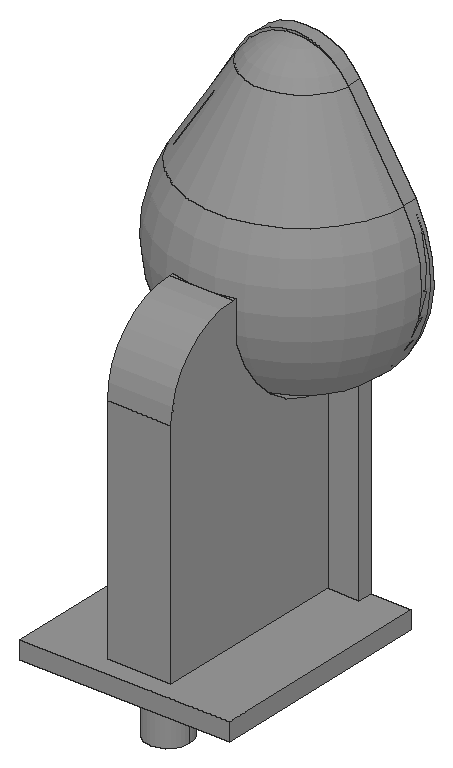
Revit family "Toilet-Willoughby-ETWS-1490-OF-TS", category Plumbing Fixtures, Revit 2015
Parameters (values of type "Standard")
  Waste DIA = 2 3/8"
  Waste Connection = yes
  W-RAD [instance] = Waste DIA / 2  # 0' - 1 3/16"
  Vent Connection = no
  URL = "https://www.willoughby-ind.com/wp-content/uploads/2017/12/ETWS-1490-OF.pdf"
  Type Comments = ""
  Revision = "A"
  Model = "ETWS-1490-OF-TS"
  Manufacturer = "Willoughby Industries"
  HW Connection = no
  Flush inlet DIA [instance] = 1 1/2"
  Flush Inlet Connection = yes
  Fixture Body = Stainless Steel AISI 304-Willoughby
  F-RAD [instance] = Flush inlet DIA / 2  # 0' - 0 3/4"
  Description = "Off Floor Mounted Siphon Jet Flush Toilet, Top Spud"
  Default Elevation = 0' - 0"
  Contact Number = "(800) 428-4065"
  CW Connection = no
Reference planes (in)
  plane 1 "Base": y = -16.25
  plane 2: z = 0
  plane 3 "Center": x = 18.31072
  plane 4: y = -1.25
  plane 5: y = -2.125
  plane 6: y = -13.75
  plane 7: x = 16.56072
  plane 8: x = 20.06072
  plane 9: x = 11.56072
  plane 10: x = 25.06072
  plane 11: z = 2.70924
  plane 12: y = -10.75
  plane 13: x = 12.56072
  plane 14: x = 24.06072
Forms (in)
  Extrusion 1, solid, material "Stainless Steel AISI 304-Willoughby" <- "Fixture Body"
    sketch origin (16.08109, 7.47968, -5.1422) x (-1, 0, 0) y (0, 0, -1)
      loop
        line (1.29775, -16.80087) -> (1.29775, -5.1422) -> (-5.72963, -5.1422) -> (-5.72963, -16.81676)
        arc (-5.72963, -16.81676) -> (-8.98136, -21.11843) -> (-8.21015, -26.45542) r 7
        line (-8.21015, -26.45542) -> (-5.16818, -31.31054)
        arc (-5.16818, -31.31054) -> (-2.20225, -32.95225) -> (0.76368, -31.31054) r 3.5
        line (0.76368, -31.31054) -> (3.80565, -26.45542)
        arc (3.80565, -26.45542) -> (4.5729, -21.10311) -> (1.29775, -16.80087) r 7
      loop
        arc (2.03989, -24.70557) -> (-2.20225, -18.23804) -> (-6.44438, -24.70557) r 4.625
        line (-6.44438, -24.70557) -> (-4.04125, -30.23842)
        arc (-4.04125, -30.23842) -> (-2.20225, -31.45225) -> (-0.36324, -30.23842) r 2
        line (-0.36324, -30.23842) -> (2.03989, -24.70557)
    from 8.72968 to 9.5
  Revolve 2, solid, material "Stainless Steel AISI 304-Willoughby" <- "Fixture Body"
    sketch origin (19.37246, -1.52032, -1.93826) x (-1, 0, 0) y (0, 0, -1)
      loop
        line (1.06174, -12.59906) -> (1.06174, -12.84906)
        arc (1.06174, -12.84906) -> (6.96784, -16.33096) -> (6.78077, -23.18447) r 6.75
        line (6.78077, -23.18447) -> (3.81535, -27.91457)
        arc (3.81535, -27.91457) -> (2.63527, -29.03194) -> (1.06174, -29.43826) r 3.25
        line (1.06174, -29.43826) -> (1.06174, -29.68826)
        arc (1.06174, -29.68826) -> (2.75672, -29.25045) -> (4.02767, -28.04656) r 3.5
        line (4.02767, -28.04656) -> (7.06964, -23.19143)
        arc (7.06964, -23.19143) -> (7.15052, -16.14555) -> (1.06174, -12.59906) r 7
      axis (1.06174, -12.59906) -> (1.06174, -29.68826)
    angle from 0 to -180
  Extrusion 3, solid, material "Stainless Steel AISI 304-Willoughby" <- "Fixture Body"
    sketch origin (19.53334, -3.02032, -2.9508) x (0, 1, 0) y (0, 0, 1)
      loop
        line (-5.27082, 2.9508) -> (1, 2.9508) -> (1, 13.76086)
        arc (1, 13.76086) -> (-2.93256, 15.26109) -> (-5.27082, 18.76086) r 6.92744
        line (-5.27082, 18.76086) -> (-5.27082, 2.9508)
    from 0.52738 to -2.97262
  Extrusion 4, solid, material "Stainless Steel AISI 304-Willoughby" <- "Fixture Body"
    sketch origin (17.03334, 25.08792, -2.30581) x (0, 1, 0) y (0, 0, 1)
      loop
        line (-33.37906, 2.30581) -> (-33.37906, 20.30581) -> (-33.56217, 20.30581)
        arc (-33.56217, 20.30581) -> (-36.58558, 19.05347) -> (-37.83792, 16.03006) r 4.27575
        line (-37.83792, 16.03006) -> (-37.83792, 2.30581) -> (-33.37906, 2.30581)
    from -0.47262 to 3.02738
  Extrusion 5, solid, material "Stainless Steel AISI 304-Willoughby" <- "Fixture Body"
    sketch origin (0, 14.59309, 0) x (1, 0, 0) y (0, 1, 0)
      loop
        circle (18.31072, -25.34309) r 1.1875
    from 1 to -3
  Extrusion 6, solid, material "Stainless Steel AISI 304-Willoughby" <- "Fixture Body"
    sketch origin (0, 1.11185, 0) x (1, 0, 0) y (0, 0, 1)
      loop
        circle (18.31072, 2.70924) r 0.75
    from 2.36185 to 1.42435
  Extrusion 7, solid, material "Stainless Steel AISI 304-Willoughby" <- "Fixture Body"
    sketch origin (0, -16.25, 0) x (1, 0, 0) y (0, 0, 1)
      loop
        line (24.06072, 0) -> (24.06072, 1) -> (12.56072, 1) -> (12.56072, 0) -> (24.06072, 0)
    from -15 to -2.5
Cuts and joins
  joined: Extrusion 1, Extrusion 3, Extrusion 4, Extrusion 7
Lines and regions (in)
  symbolic lines
    curve 1: line (11.28334, -2.02032, 0) -> (11.28334, -1.25, 0)
    curve 2: line (11.28334, -1.25, 0) -> (25.28334, -1.25, 0)
    curve 3: line (25.28334, -1.25, 0) -> (25.28334, -2.02032, 0)
    curve 4: arc (25.28334, -2.02032, 0) -> (23.08047, -6.64769, 0) -> (18.31072, -8.52239, 0) r 6.97838
    curve 5: arc (18.31072, -8.52239, 0) -> (13.52655, -6.64447, 0) -> (11.28334, -2.02032, 0) r 7.06011
    curve 6: line (24.06072, -5.51341, 0) -> (24.06072, -13.75, 0)
    curve 7: line (24.06072, -13.75, 0) -> (12.56072, -13.75, 0)
    curve 8: line (12.56072, -13.75, 0) -> (12.56072, -5.54398, 0)
    curve 9: line (20.06072, -8.30213, 0) -> (20.06072, -12.75, 0)
    curve 10: line (20.06072, -12.75, 0) -> (16.56072, -12.75, 0)
    curve 11: line (16.56072, -12.75, 0) -> (16.56072, -8.29935, 0)
    curve 12: line (14.78334, -16.25, 11.65867) -> (14.78334, -16.25, 1)
    curve 13: line (14.78334, -16.25, 1) -> (12.56072, -16.25, 1)
    curve 14: line (12.56072, -16.25, 1) -> (12.56072, -16.25, 0)
    curve 15: line (12.56072, -16.25, 0) -> (24.06072, -16.25, 0)
    curve 16: line (24.06072, -16.25, 0) -> (24.06072, -16.25, 1)
    curve 17: line (24.06072, -16.25, 1) -> (21.81072, -16.25, 1)
    curve 18: line (21.81072, -16.25, 1) -> (21.81072, -16.25, 11.67456)
    curve 19: arc (21.81072, -16.25, 11.67456) -> (25.08856, -16.25, 15.96952) -> (24.29124, -16.25, 21.31322) r 6.93708
    curve 20: line (24.29124, -16.25, 21.31322) -> (21.24927, -16.25, 26.16835)
    curve 21: arc (21.24927, -16.25, 26.16835) -> (19.98923, -16.25, 27.34792) -> (18.31072, -16.25, 27.75) r 3.37397
    curve 22: arc (18.31072, -16.25, 27.75) -> (16.62601, -16.25, 27.29363) -> (15.34479, -16.25, 26.1083) r 3.65651
    curve 23: line (15.34479, -16.25, 26.1083) -> (12.38996, -16.25, 21.49816)
    curve 24: arc (12.38996, -16.25, 21.49816) -> (11.48166, -16.25, 16.06639) -> (14.78334, -16.25, 11.65867) r 7
    curve 30: line (18.31072, -1.25, 0) -> (18.31072, -1.25, 27.81005)
    curve 31: line (18.31072, -1.25, 27.81005) -> (18.31072, -2.02032, 27.81005)
    curve 32: arc (18.31072, -2.02032, 27.81005) -> (18.31072, -3.38227, 27.24165) -> (18.31072, -4.41948, 26.1918) r 3.75042
    curve 33: line (18.31072, -4.41948, 26.1918) -> (18.31072, -7.52822, 21.25317)
    curve 34: arc (18.31072, -7.52822, 21.25317) -> (18.31072, -8.24192, 19.69452) -> (18.31072, -8.52278, 18.00341) r 6.49232
    curve 35: arc (18.31072, -8.29114, 18) -> (18.31072, -11.43229, 16.81289) -> (18.31072, -12.75, 13.72425) r 4.28012
    curve 36: line (18.31072, -12.75, 13.72425) -> (18.31072, -12.75, 1)
    curve 37: line (18.31072, -12.75, 1) -> (18.31072, -13.75, 1)
    curve 38: line (18.31072, -13.75, 1) -> (18.31072, -13.75, 0)
    curve 39: line (18.31072, -13.75, 0) -> (18.31072, -1.25, 0)
    curve 40: line (18.31072, -1.25, 1) -> (18.31072, -12.75, 1)
    curve 41: line (18.31072, -2.02032, 1) -> (18.31072, -2.02032, 11.64764)
    curve 42: line (18.31072, -2.02032, 11.64764) -> (18.31072, -1.25, 11.64764)
    curve 43: arc (18.31072, -2.02032, 10.81005) -> (18.31072, -6.0003, 12.3061) -> (18.31072, -8.29114, 15.88806) r 6.73544
    curve 44: line (18.31072, -8.29114, 15.88806) -> (18.31072, -8.29114, 18)
  symbolic lines, detail levels fine
    curve 25: arc (14.0412, -16.25, 19.56337) -> (18.28334, -16.25, 13.09585) -> (22.52547, -16.25, 19.56337) r 4.625
    curve 26: line (22.52547, -16.25, 19.56337) -> (20.06869, -16.25, 25.31026)
    curve 27: line (16.44433, -16.25, 25.09622) -> (14.0412, -16.25, 19.56337)
    curve 28: arc (20.06869, -16.25, 25.31026) -> (19.34621, -16.25, 26.11409) -> (18.28334, -16.25, 26.31005) r 1.67667
    curve 29: arc (18.28334, -16.25, 26.31005) -> (17.18351, -16.25, 25.97635) -> (16.44433, -16.25, 25.09622) r 2.01767
Dimensions and locks (in)
  plane 1 "Base" to plane 4 = 1' - 3"
  plane 1 "Base" to plane 12 = 0' - 5 1/2"
  plane 13 to plane 14 = 0' - 11 1/2"
  plane 1 "Base" to plane 6 = 0' - 2 1/2"
  plane 6 to plane 12 = 0' - 3"
  "W-RAD": radius of Extrusion 5 sketch curve
  "F-RAD": radius of Extrusion 6 sketch curve
  aligned and locked: plane 3 "Center" to Extrusion 5 sketch curve
  aligned and locked: plane 3 "Center" to Extrusion 6 sketch curve
  aligned and locked: plane 11 to Extrusion 6 sketch curve
  aligned and locked: plane 12 to Extrusion 5 sketch curve
  aligned and locked: cut or joined group of Extrusion 1, Extrusion 3, Extrusion 4, Extrusion 7 to cut or joined group of Extrusion 1, Extrusion 3, Extrusion 4, Extrusion 7  (x2)
Automatic sketch dimensions
  Extrusion 1 sketch curve to Extrusion 1 sketch curve = 0' - 0"  (x8)
  level to Extrusion 1 sketch curve = 0' - 0"
  plane 3 "Center" to Extrusion 1 sketch curve = 0' - 5.98052"
  Extrusion 1 sketch curve to Extrusion 1 sketch curve = 0' - 1.76576"  (x2)
  plane 3 "Center" to Extrusion 1 sketch curve = 0' - 3 1/2"
  plane 3 "Center" to Extrusion 1 sketch curve = 0' - 2.93855"
  Extrusion 1 sketch curve to Extrusion 1 sketch curve = 0' - 1.12693"  (x2)
  Extrusion 1 sketch curve to plane 3 "Center" = 0' - 0.02738"  (x2)
  Extrusion 1 sketch curve to plane 3 "Center" = 0' - 1.86639"
  Extrusion 1 sketch curve to plane 3 "Center" = 0' - 3.52738"
  Extrusion 1 sketch curve to plane 3 "Center" = 0' - 4 69/256"
  Extrusion 1 sketch curve to Extrusion 1 sketch curve = 0' - 11.65867"
  Extrusion 1 sketch curve to Extrusion 1 sketch curve = 0' - 0.01589"
  Extrusion 1 sketch curve to Extrusion 1 sketch curve = 0' - 6.06218"
  Extrusion 1 sketch curve to Extrusion 1 sketch curve = 0' - 1.74985"
  Extrusion 1 sketch curve to Extrusion 1 sketch curve = 0' - 4.74668"
  Extrusion 1 sketch curve to Extrusion 1 sketch curve = 0' - 0.78617"
  Extrusion 1 sketch curve to Extrusion 1 sketch curve = 0' - 1.07212"
  Revolve 2 sketch curve to Revolve 2 sketch curve = 0' - 0"  (x2)
  Revolve 2 sketch curve to plane 3 "Center" = 0' - 0"  (x3)
  plane 3 "Center" to Revolve 2 sketch curve = 0' - 0"
  Revolve 2 sketch curve to plane 3 "Center" = 0' - 2.75361"
  Revolve 2 sketch curve to Revolve 2 sketch curve = 0' - 0.21232"
  Revolve 2 sketch curve to Revolve 2 sketch curve = 0' - 2.96542"
  Revolve 2 sketch curve to Revolve 2 sketch curve = 0' - 0.28887"
  level to Revolve 2 sketch curve = 2' - 3 3/4"
  Revolve 2 sketch curve to Revolve 2 sketch curve = 0' - 0 1/4"
  Revolve 2 sketch curve to Revolve 2 sketch curve = 0' - 1.3917"
  Revolve 2 sketch curve to Revolve 2 sketch curve = 0' - 0.13199"
  Revolve 2 sketch curve to Revolve 2 sketch curve = 0' - 4.85513"
  Revolve 2 sketch curve to Revolve 2 sketch curve = 0' - 0.00696"
  Revolve 2 sketch curve to Revolve 2 sketch curve = 0' - 3 1/4"
  Revolve 2 sketch curve to Revolve 2 sketch curve = 0' - 3.3392"
  Revolve 2 sketch curve to Revolve 2 sketch curve = 0' - 2.4108"
  level to Extrusion 3 sketch curve = 0' - 0"
  plane 5 to Extrusion 3 sketch curve = 0' - 0.10468"
  plane 4 to Extrusion 3 sketch curve = 0' - 0.38413"
  Extrusion 3 sketch curve to Extrusion 3 sketch curve = 0' - 10.81005"
  Extrusion 3 sketch curve to Extrusion 3 sketch curve = 0' - 5"
  Extrusion 4 sketch curve to plane 6 = 0' - 1"
  level to Extrusion 4 sketch curve = 0' - 0"
  Extrusion 4 sketch curve to plane 6 = 0' - 5.27575"
  Extrusion 4 sketch curve to Extrusion 4 sketch curve = 0' - 0.18311"
  Extrusion 4 sketch curve to Extrusion 4 sketch curve = 1' - 1.72425"
  plane 9 to Extrusion 7 sketch curve = 0' - 1"
  Extrusion 7 sketch curve to plane 10 = 0' - 1"
  Extrusion 7 sketch curve to level = 0' - 0"
  level to Extrusion 7 sketch curve = 0' - 1"
  Extrusion 3 sketch curve to Extrusion 3 sketch curve = 0' - 6.27082"
  plane 4 to curve 1 = 0' - 0"
  plane 6 to curve 7 = 0' - 0"
  curve 7 to plane 13 = 0' - 0"
  curve 11 to plane 7 = 0' - 0"
  curve 4 to plane 3 "Center" = 0' - 0"
  curve 5 to plane 3 "Center" = 0' - 0"
  curve 9 to plane 8 = 0' - 0"
  curve 6 to plane 14 = 0' - 0"
  curve 2 to plane 9 = 0' - 0.27738"
  plane 3 "Center" to curve 4 = 0' - 0.01051"
  plane 3 "Center" to curve 5 = 0' - 0.01064"
  curve 9 to plane 6 = 0' - 1"
  plane 5 to curve 1 = 0' - 0.10468"
  plane 5 to curve 3 = 0' - 0.10468"
  curve 5 to curve 11 = 0' - 0.22305"
  curve 24 to curve 25 = 0' - 0"  (x2)
  curve 15 to level = 0' - 0"
  plane 13 to curve 15 = 0' - 0"
  curve 21 to plane 3 "Center" = 0' - 0"
  curve 22 to plane 3 "Center" = 0' - 0"
  plane 14 to curve 16 = 0' - 0"
  plane 13 to curve 23 = 0' - 0.17076"
  curve 27 to plane 13 = 0' - 1 123/256"
  curve 12 to plane 7 = 0' - 1.77738"
  curve 25 to plane 3 "Center" = 0' - 0.02738"
  curve 29 to plane 3 "Center" = 0' - 0.01574"
  plane 3 "Center" to curve 19 = 0' - 0.05966"
  plane 3 "Center" to curve 21 = 0' - 0.07942"
  plane 3 "Center" to curve 22 = 0' - 0.08607"
  plane 3 "Center" to curve 28 = 0' - 0.21627"
  plane 8 to curve 26 = 0' - 0.00797"
  plane 8 to curve 20 = 0' - 1.18855"
  plane 8 to curve 17 = 0' - 1 3/4"
  plane 14 to curve 26 = 0' - 1.53525"
  curve 20 to plane 14 = 0' - 0.23052"
  level to curve 13 = 0' - 1"
  level to curve 17 = 0' - 1"
  plane 11 to curve 12 = 0' - 8.94943"
  curve 12 to curve 18 = 0' - 0.01589"
  curve 18 to curve 19 = 0' - 6.02388"
  curve 19 to curve 25 = 0' - 0.0224"
  curve 26 to curve 20 = 0' - 1.74985"
  curve 26 to curve 22 = 0' - 4.53113"
  curve 22 to curve 29 = 0' - 0.19791"
  curve 29 to curve 21 = 0' - 0.08455"
  curve 21 to curve 28 = 0' - 0.27422"
  curve 26 to curve 21 = 0' - 0.85809"
  curve 27 to plane 7 = 0' - 0.11639"
  curve 29 to plane 3 "Center" = 0' - 0.02738"
  curve 27 to curve 22 = 0' - 1.01207"
  curve 38 to plane 6 = 0' - 0"
  curve 42 to plane 4 = 0' - 0"
  curve 38 to level = 0' - 0"
  curve 40 to plane 6 = 0' - 1"
  curve 35 to plane 12 = 0' - 2.28012"
  curve 33 to plane 12 = 0' - 3.22178"
  curve 33 to plane 5 = 0' - 2.29448"
  plane 5 to curve 34 = 0' - 0.09118"
  plane 5 to curve 42 = 0' - 0.10468"
  plane 5 to curve 31 = 0' - 0.10468"
  plane 5 to curve 43 = 0' - 0.36345"
  plane 4 to curve 32 = 0' - 0.03507"
  level to curve 40 = 0' - 1"
  plane 11 to curve 42 = 0' - 8.9384"
  curve 41 to curve 35 = 0' - 2.07597"
  curve 35 to curve 36 = 0' - 0.00063"
  curve 41 to curve 43 = 0' - 5.89288"
  curve 43 to curve 34 = 0' - 0.25406"
  curve 34 to curve 33 = 0' - 3.45858"
  curve 34 to curve 32 = 0' - 6.33782"
  curve 32 to curve 33 = 0' - 2.05938"
  curve 34 to curve 44 = 0' - 0.23164"
  curve 43 to curve 41 = 0' - 0.83759"
Connectors (in)
  piping at (18.31072, -10.75, -3), diameter 2.375, driven by "W-RAD", driven by "Waste Connection"
    settings: on Extrusion 5, index 1, connector inside diameter 2 1/2", connector length 0' - 0", flow factor 0, pipe flow 0 GPM, pressure drop 0.00 psi, fitting loss kfactor 0, connector angle 0.00°, fixture units 0, engagement length 0' - 0", angle of deflection 0.00°, flow configuration 0, flow direction 2, fitting loss method 0, system type 16, joint type 0, gender type 0, connector reference index -1, connector utility 1, adjustable connector yes, is connector primary yes, connector description "Toilet Waste"
  piping at (18.31072, -0.3125, 2.70924), diameter 1.5, driven by "F-RAD", driven by "Flush Inlet Connection"
    settings: on Extrusion 6, index 2, connector inside diameter 1 1/2", connector length 0' - 0", flow factor 0, pipe flow 0 GPM, pressure drop 0.00 psi, fitting loss kfactor 0, connector angle 0.00°, fixture units 0, engagement length 0' - 0", angle of deflection 0.00°, flow configuration 0, flow direction 1, fitting loss method 0, system type 20, joint type 0, gender type 0, connector reference index -1, connector utility 1, adjustable connector no, is connector primary no, connector description "Flush Inlet"
